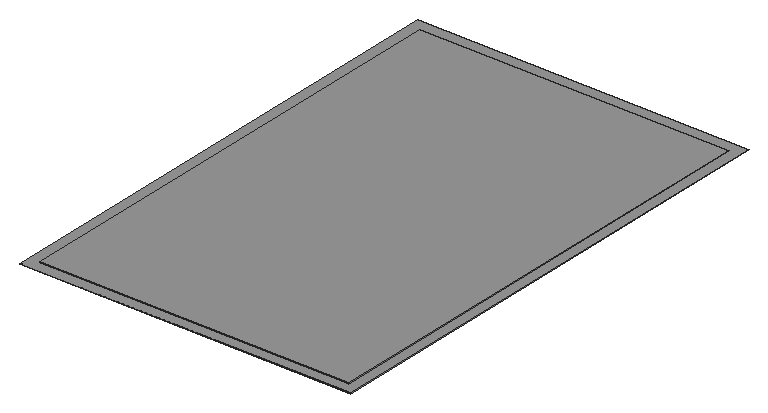
Revit family "RYN_GRM_Carpet", category Generic Models, host Floor, Revit 2025
Family settings
  Host = Floor
  Can host rebar = No
  Round Connector Dimension = Use Diameter
  Part Type = Normal
  Always vertical = Yes
  Cut with Voids When Loaded = No
  Maintain Annotation Orientation = No
  Shared = No
  Room Calculation Point = No
Parameters
  W [instance] = 300 cm
  L [instance] = 450 cm
  Frame [instance] = 10 cm
  Default Elevation = 0 cm
Reference planes (cm)
  plane 1 "Center (Front/Back)": y = 0
  plane 2: z = 0
  plane 3 "Center (Left/Right)": x = 0
  plane 4: y = 225
  plane 5: y = -225
  plane 6: x = -150
  plane 7: x = 150
  plane 8: x = 140
  plane 9: x = -140
  plane 10: y = 215
  plane 11: y = -215
Forms (cm)
  Extrusion 1, solid, material "שטיח דניאל"
    sketch origin (0, 0, 0) x (1, 0, 0) y (0, 1, 0)
      loop
        line (-140, 215) -> (-140, -215) -> (140, -215) -> (140, 215) -> (-140, 215)
    from 0 to 0.5
  Extrusion 2, solid, material "Rubber, Black"
    sketch origin (0, 0, 0) x (1, 0, 0) y (0, 1, 0)
      loop
        line (-150, 225) -> (-150, -225) -> (150, -225) -> (150, 225) -> (-150, 225)
    from 0 to 0.25
Dimensions and locks (cm)
  equal spacing: host sketch curve, plane 1 "Center (Front/Back)", host sketch curve
  equal spacing: host sketch curve, plane 3 "Center (Left/Right)", host sketch curve
  host sketch curve to host sketch curve = 304.8 cm  (x2)
  equal spacing: plane 5, plane 1 "Center (Front/Back)", plane 4
  "L": plane 4 to plane 5
  equal spacing: plane 6, plane 3 "Center (Left/Right)", plane 7
  "W": plane 6 to plane 7
  "Frame": plane 5 to plane 11
  "Frame": plane 4 to plane 10
  "Frame": plane 6 to plane 9
  "Frame": plane 8 to plane 7
  aligned and locked: level to plane 2
  aligned and locked: Extrusion 2 sketch curve to plane 4
  aligned and locked: plane 6 to Extrusion 2 sketch curve
  aligned and locked: Extrusion 2 sketch curve to plane 5
  aligned and locked: plane 7 to Extrusion 2 sketch curve
  aligned and locked: plane 10 to Extrusion 1 sketch curve
  aligned and locked: Extrusion 1 sketch curve to plane 9
  aligned and locked: plane 8 to Extrusion 1 sketch curve
  aligned and locked: Extrusion 1 sketch curve to plane 11
